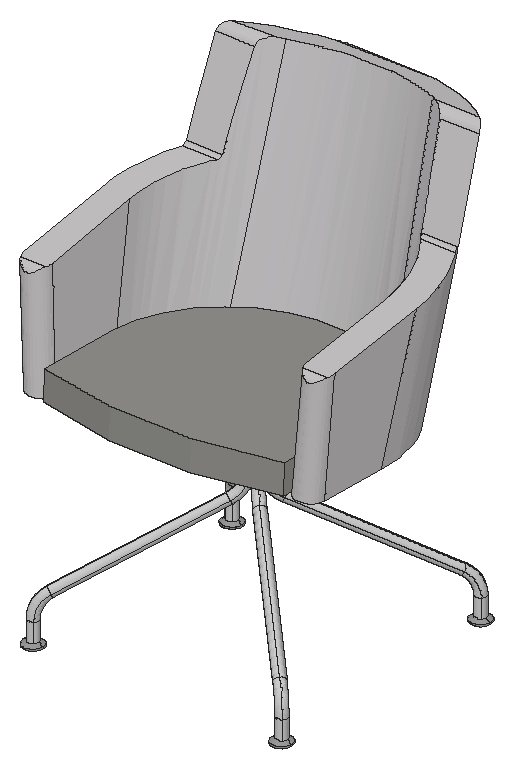
Revit family "FU_Chair_Sandler_Marka_2-2", category Furniture, Revit 2020
Family settings
  OmniClass Number = 23.40.20.00
  OmniClass Title = General Furniture and Specialties
  Work Plane-Based = No
  Always vertical = Yes
  Cut with Voids When Loaded = No
  Shared = No
  Room Calculation Point = No
Parameters (values of type "Marka 2.2")
  Width = 620 mm
  URL = "https://www.sandlerseating.com/product/marka-2-2/"
  Seat [instance] = Fabric - X2 - Number AK020
  Model = "Marka 2.2"
  Manufacturer = "Sandler"
  Height = 850 mm
  Frame = Metal - Chrome - Polished
  Description = "Side chair with upholstered seat and back on steel base. Fixed, non-swivel."
  Depth = 580 mm
  Default Elevation = 0 mm
  Back [instance] = Leather - Gaja - 60005
Reference planes
  plane 1 "Center (Front/Back)": y = 0
  plane 2: z = 0
  plane 3 "Center (Left/Right)": x = 0
  plane 4 "Right": x = -310
  plane 5 "Left": x = 310
  plane 6 "Back": y = 325
  plane 7 "Front": y = -255
  plane 8 "Height": z = 850
  plane 9 "Seat height": z = 460
  plane 10 "FLL H Base TOP": y = -234.565
  plane 11 "FLL V Base TOP": x = 234.498
Forms (mm)
  Sweep 1, solid, material "Metal - Chrome - Polished" <- "Frame"
    path origin (0, 0, 0) x (0.707107, 0.707107, 0) y (0, 0, 1)
      loop
        line (13.258, 381.075) -> (13.258, 273.942)
        arc (13.258, 273.942) -> (20.343, 248.26) -> (39.662, 229.915) r 49.758
        line (39.662, 229.915) -> (305.453, 88.638)
        arc (305.453, 88.638) -> (324.671, 69.838) -> (331.725, 43.895) r 51.237
        line (331.725, 43.895) -> (331.725, 8.113)
    profile "Pro_Circles : 20mm" origin (9.375, 9.375, 327.509) x (0.707107, 0.707107, 0) y (0.707107, -0.707107, 0)
      loop
        arc (-9.967, 0.067) -> (-7.115, -7.02) -> (-0.067, -9.967) r 9.901
        arc (-0.067, -9.967) -> (7.068, -7.068) -> (9.967, 0.067) r 9.901
        arc (9.967, 0.067) -> (7.02, 7.115) -> (-0.067, 9.967) r 9.901
        arc (-0.067, 9.967) -> (-7.067, 7.067) -> (-9.967, 0.067) r 9.9
  Sweep 2, solid, material "Metal - Chrome - Polished" <- "Frame"
    path origin (0, 0, 0) x (-0.707107, -0.707107, 0) y (0, 0, 1)
      loop
        line (13.258, 381.075) -> (13.258, 273.942)
        arc (13.258, 273.942) -> (20.343, 248.26) -> (39.662, 229.915) r 49.758
        line (39.662, 229.915) -> (305.453, 88.638)
        arc (305.453, 88.638) -> (324.671, 69.838) -> (331.725, 43.895) r 51.237
        line (331.725, 43.895) -> (331.725, 8.113)
    profile "Pro_Circles : 20mm" origin (-9.375, -9.375, 327.509) x (-0.707107, -0.707107, 0) y (-0.707107, 0.707107, 0)
      loop
        arc (-9.967, 0.067) -> (-7.115, -7.02) -> (-0.067, -9.967) r 9.901
        arc (-0.067, -9.967) -> (7.068, -7.068) -> (9.967, 0.067) r 9.901
        arc (9.967, 0.067) -> (7.02, 7.115) -> (-0.067, 9.967) r 9.901
        arc (-0.067, 9.967) -> (-7.067, 7.067) -> (-9.967, 0.067) r 9.9
  Sweep 3, solid, material "Metal - Chrome - Polished" <- "Frame"
    path origin (0, 0, 0) x (0.707107, -0.707107, 0) y (0, 0, 1)
      loop
        line (13.258, 381.075) -> (13.258, 273.942)
        arc (13.258, 273.942) -> (20.343, 248.26) -> (39.662, 229.915) r 49.758
        line (39.662, 229.915) -> (305.453, 88.638)
        arc (305.453, 88.638) -> (324.671, 69.838) -> (331.725, 43.895) r 51.237
        line (331.725, 43.895) -> (331.725, 8.113)
    profile "Pro_Circles : 20mm" origin (9.375, -9.375, 327.509) x (0.707107, -0.707107, 0) y (-0.707107, -0.707107, 0)
      loop
        arc (-9.967, 0.067) -> (-7.115, -7.02) -> (-0.067, -9.967) r 9.901
        arc (-0.067, -9.967) -> (7.068, -7.068) -> (9.967, 0.067) r 9.901
        arc (9.967, 0.067) -> (7.02, 7.115) -> (-0.067, 9.967) r 9.901
        arc (-0.067, 9.967) -> (-7.067, 7.067) -> (-9.967, 0.067) r 9.9
  Sweep 4, solid, material "Metal - Chrome - Polished" <- "Frame"
    path origin (0, 0, 0) x (-0.707107, 0.707107, 0) y (0, 0, 1)
      loop
        line (13.258, 381.075) -> (13.258, 273.942)
        arc (13.258, 273.942) -> (20.343, 248.26) -> (39.662, 229.915) r 49.758
        line (39.662, 229.915) -> (305.453, 88.638)
        arc (305.453, 88.638) -> (324.671, 69.838) -> (331.725, 43.895) r 51.237
        line (331.725, 43.895) -> (331.725, 8.113)
    profile "Pro_Circles : 20mm" origin (-9.375, 9.375, 327.509) x (-0.707107, 0.707107, 0) y (0.707107, 0.707107, 0)
      loop
        arc (-9.967, 0.067) -> (-7.115, -7.02) -> (-0.067, -9.967) r 9.901
        arc (-0.067, -9.967) -> (7.068, -7.068) -> (9.967, 0.067) r 9.901
        arc (9.967, 0.067) -> (7.02, 7.115) -> (-0.067, 9.967) r 9.901
        arc (-0.067, 9.967) -> (-7.067, 7.067) -> (-9.967, 0.067) r 9.9
  Extrusion 5, solid, material "Metal - Chrome - Polished" <- "Frame"
    sketch origin (0, 0, 0) x (1, 0, 0) y (0, 1, 0)
      loop
        circle (0, 0) r 25
    from 273.942 to 395.181
  Revolve 6, solid, material "Rubber, Black"
    sketch origin (0, -234.565, 0) x (-1, 0, 0) y (0, 0, 1)
      loop
        line (-234.498, 0) -> (-215.619, 0) -> (-215.619, 2.423) -> (-224.571, 8.113) -> (-234.498, 8.113) -> (-234.498, 0)
      axis (-234.498, 8.113) -> (-234.498, 0)
    angle from 0 to 360
  Revolve 7, solid, material "Rubber, Black"
    sketch origin (0, -234.565, 0) x (1, 0, 0) y (0, 0, 1)
      loop
        line (-234.498, 0) -> (-215.619, 0) -> (-215.619, 2.423) -> (-224.571, 8.113) -> (-234.498, 8.113) -> (-234.498, 0)
      axis (-234.498, 8.113) -> (-234.498, 0)
    angle from 0 to 360
  Revolve 8, solid, material "Rubber, Black"
    sketch origin (0, 234.565, 0) x (1, 0, 0) y (0, 0, 1)
      loop
        line (-234.498, 0) -> (-215.619, 0) -> (-215.619, 2.423) -> (-224.571, 8.113) -> (-234.498, 8.113) -> (-234.498, 0)
      axis (-234.498, 8.113) -> (-234.498, 0)
    angle from 0 to 360
  Revolve 9, solid, material "Rubber, Black"
    sketch origin (0, 234.565, 0) x (-1, 0, 0) y (0, 0, -1)
      loop
        line (-234.498, 0) -> (-234.498, -8.113) -> (-224.571, -8.113) -> (-215.619, -2.423) -> (-215.619, 0) -> (-234.498, 0)
      axis (-234.498, -8.113) -> (-234.498, 0)
    angle from 0 to 360
Dimensions and locks
  equal spacing: plane 4 "Right", plane 3 "Center (Left/Right)", plane 5 "Left"
  "Width": plane 4 "Right" to plane 5 "Left"
  plane 6 "Back" to plane 1 "Center (Front/Back)" to plane 7 "Front" = 325 mm, 255 mm
  "Depth": plane 6 "Back" to plane 7 "Front"
  "Height": plane 8 "Height" to level
  plane 9 "Seat height" to level = 460 mm
  aligned and locked: level to plane 2
Automatic sketch dimensions
  level to Sweep 1 sketch curve = 273.942 mm
  level to Sweep 1 sketch curve = 229.915 mm
  Sweep 1 sketch curve to Sweep 1 sketch curve = 26.404 mm
  Sweep 1 sketch curve to Sweep 1 sketch curve = 49.758 mm
  level to Sweep 1 sketch curve = 43.895 mm
  Sweep 1 sketch curve to Sweep 1 sketch curve = 240.826 mm
  level to Sweep 1 sketch curve = 88.638 mm
  Sweep 1 sketch curve to Sweep 1 sketch curve = 24.965 mm
  level to Sweep 1 sketch curve = 8.113 mm
  Sweep 1 sketch curve to Sweep 1 sketch curve = 107.133 mm
  level to Sweep 2 sketch curve = 273.942 mm
  level to Sweep 2 sketch curve = 229.915 mm
  Sweep 2 sketch curve to Sweep 2 sketch curve = 26.404 mm
  Sweep 2 sketch curve to Sweep 2 sketch curve = 49.758 mm
  level to Sweep 2 sketch curve = 43.895 mm
  Sweep 2 sketch curve to Sweep 2 sketch curve = 240.826 mm
  level to Sweep 2 sketch curve = 88.638 mm
  Sweep 2 sketch curve to Sweep 2 sketch curve = 24.965 mm
  level to Sweep 2 sketch curve = 8.113 mm
  Sweep 2 sketch curve to Sweep 2 sketch curve = 107.133 mm
  level to Sweep 3 sketch curve = 273.942 mm
  level to Sweep 3 sketch curve = 229.915 mm
  Sweep 3 sketch curve to Sweep 3 sketch curve = 26.404 mm
  Sweep 3 sketch curve to Sweep 3 sketch curve = 49.758 mm
  level to Sweep 3 sketch curve = 43.895 mm
  Sweep 3 sketch curve to Sweep 3 sketch curve = 240.826 mm
  level to Sweep 3 sketch curve = 88.638 mm
  Sweep 3 sketch curve to Sweep 3 sketch curve = 24.965 mm
  level to Sweep 3 sketch curve = 8.113 mm
  Sweep 3 sketch curve to Sweep 3 sketch curve = 107.133 mm
  level to Sweep 4 sketch curve = 273.942 mm
  level to Sweep 4 sketch curve = 229.915 mm
  Sweep 4 sketch curve to Sweep 4 sketch curve = 26.404 mm
  Sweep 4 sketch curve to Sweep 4 sketch curve = 49.758 mm
  level to Sweep 4 sketch curve = 43.895 mm
  Sweep 4 sketch curve to Sweep 4 sketch curve = 240.826 mm
  level to Sweep 4 sketch curve = 88.638 mm
  Sweep 4 sketch curve to Sweep 4 sketch curve = 24.965 mm
  level to Sweep 4 sketch curve = 8.113 mm
  Sweep 4 sketch curve to Sweep 4 sketch curve = 107.133 mm
  plane 1 "Center (Front/Back)" to Extrusion 5 sketch curve = 0 mm
  Extrusion 5 sketch curve to plane 3 "Center (Left/Right)" = 0 mm
  Revolve 6 sketch curve to level = 0 mm
  Revolve 6 sketch curve to plane 11 "FLL V Base TOP" = 0 mm  (x2)
  Revolve 6 sketch curve to plane 11 "FLL V Base TOP" = 9.927 mm
  level to Revolve 6 sketch curve = 2.423 mm
  Revolve 6 sketch curve to Revolve 6 sketch curve = 8.951 mm
  level to Revolve 6 sketch curve = 8.113 mm
  Revolve 6 sketch curve to level = 0.502 mm
  Revolve 6 sketch curve to Revolve 6 sketch curve = 0.498 mm
  Revolve 7 sketch curve to level = 0 mm
  plane 4 "Right" to Revolve 7 sketch curve = 75.502 mm
  Revolve 7 sketch curve to level = 8.113 mm
  Revolve 7 sketch curve to Revolve 7 sketch curve = 9.927 mm
  Revolve 7 sketch curve to level = 2.423 mm
  Revolve 7 sketch curve to Revolve 7 sketch curve = 8.951 mm
  Revolve 7 sketch curve to Revolve 7 sketch curve = 0 mm
  level to Revolve 7 sketch curve = 0.502 mm
  Revolve 7 sketch curve to Revolve 7 sketch curve = 0.498 mm
  Revolve 8 sketch curve to level = 0 mm
  Revolve 8 sketch curve to plane 4 "Right" = 75.502 mm
  level to Revolve 8 sketch curve = 8.113 mm
  Revolve 8 sketch curve to Revolve 8 sketch curve = 9.927 mm
  level to Revolve 8 sketch curve = 2.423 mm
  Revolve 8 sketch curve to Revolve 8 sketch curve = 8.951 mm
  Revolve 8 sketch curve to Revolve 8 sketch curve = 0 mm
  Revolve 8 sketch curve to level = 0.502 mm
  Revolve 8 sketch curve to Revolve 8 sketch curve = 0.498 mm
  Revolve 9 sketch curve to level = 0 mm
  Revolve 9 sketch curve to plane 11 "FLL V Base TOP" = 0 mm  (x2)
  Revolve 9 sketch curve to plane 11 "FLL V Base TOP" = 9.927 mm
  level to Revolve 9 sketch curve = 2.423 mm
  Revolve 9 sketch curve to Revolve 9 sketch curve = 8.951 mm
  level to Revolve 9 sketch curve = 8.113 mm
  Revolve 9 sketch curve to Revolve 9 sketch curve = 0.498 mm
  Revolve 9 sketch curve to level = 0.502 mm
  radius of Extrusion 5 sketch curve = 25 mm
Nested families
  nested 1: "Marka_2-2_BaseTop" at (0, 0, 0), Frame <- "Frame", type "Marka_2-2_BaseTop"
    with Frame Metal - Chrome - Polished
  nested 2: "Marka Seat" at (0, 26.25, 0), Back <- "Back", Seat <- "Seat", type "Marka Seat"
    with Seat Fabric - X2 - Number AK020, Back Leather - Gaja - 60005
Definition of nested family "Marka_2-2_BaseTop"
  Parameters
    Width = 620 mm
    Height = 895 mm
    Frame [instance] = none
    Depth = 580 mm
    Default Elevation = 0 mm
  Reference planes
    plane 1 "Center (Front/Back)": y = 0
    plane 2: z = 0
    plane 3 "Center (Left/Right)": x = 0
    plane 4 "Right": x = -310
    plane 5 "Left": x = 310
    plane 6 "Back": y = 325
    plane 7 "Front": y = -255
    plane 8 "Height": z = 895
    plane 9 "Seat height": z = 610
  Forms (mm)
    Extrusion 1, solid, material <- "Frame"
      sketch origin (0, -21.828, 0.604) x (0.707107, 0.705999, -0.039565) y (0, 0.055953, 0.998433)
        loop
          arc (6.15, 382.23) -> (13.412, 387.264) -> (13.935, 396.084) r 10.099
          line (13.935, 396.084) -> (-13.935, 396.084)
          arc (-13.935, 396.084) -> (-13.412, 387.264) -> (-6.15, 382.23) r 10.099
          line (-6.15, 382.23) -> (6.15, 382.23)
      from -82.492 to 79.995
    Revolve 2, solid, material <- "Frame"
      sketch origin (-58.257, 36.34, -2.656) x (0.707107, 0.705999, -0.039565) y (0, 0.055953, 0.998433)
        loop
          line (0, 382.23) -> (0, 396.084) -> (-13.935, 396.084)
          arc (-13.935, 396.084) -> (-13.412, 387.264) -> (-6.15, 382.23) r 10.099
          line (-6.15, 382.23) -> (0, 382.23)
        axis (0, 396.084) -> (0, 382.23)
      angle from 0 to 180
    Revolve 3, solid, material <- "Frame"
      sketch origin (56.566, -78.304, 3.769) x (0.707107, 0.705999, -0.039565) y (0, -0.055953, -0.998433)
        loop
          line (0, -382.23) -> (-6.15, -382.23)
          arc (-6.15, -382.23) -> (-13.412, -387.264) -> (-13.935, -396.084) r 10.099
          line (-13.935, -396.084) -> (0, -396.084) -> (0, -382.23)
        axis (0, -396.084) -> (0, -382.23)
      angle from 0 to 180
    Extrusion 4, solid, material <- "Frame"
      sketch origin (0, -21.828, 0.604) x (-0.707107, 0.705999, -0.039565) y (0, 0.055953, 0.998433)
        loop
          arc (6.15, 382.23) -> (13.412, 387.264) -> (13.935, 396.084) r 10.099
          line (13.935, 396.084) -> (-13.935, 396.084)
          arc (-13.935, 396.084) -> (-13.412, 387.264) -> (-6.15, 382.23) r 10.099
          line (-6.15, 382.23) -> (6.15, 382.23)
      from -82.492 to 79.995
    Revolve 5, solid, material <- "Frame"
      sketch origin (-58.259, -79.994, 3.864) x (-0.707107, 0.705999, -0.039565) y (0, 0.055953, 0.998433)
        loop
          line (0, 382.23) -> (0, 396.084) -> (-13.935, 396.084)
          arc (-13.935, 396.084) -> (-13.412, 387.264) -> (-6.15, 382.23) r 10.099
          line (-6.15, 382.23) -> (0, 382.23)
        axis (0, 396.084) -> (0, 382.23)
      angle from 0 to 180
    Revolve 6, solid, material <- "Frame"
      sketch origin (56.564, 34.649, -2.561) x (-0.707107, 0.705999, -0.039565) y (0, -0.055953, -0.998433)
        loop
          line (0, -382.23) -> (-6.15, -382.23)
          arc (-6.15, -382.23) -> (-13.412, -387.264) -> (-13.935, -396.084) r 10.099
          line (-13.935, -396.084) -> (0, -396.084) -> (0, -382.23)
        axis (0, -396.084) -> (0, -382.23)
      angle from 0 to 180
    Extrusion 7, solid, material <- "Frame"
      sketch origin (0, -21.828, 0.604) x (1, 0, 0) y (0, 0.998433, -0.055953)
        loop
          line (-80.895, 79.874) -> (-80.895, -80.126) -> (79.105, -80.126) -> (79.105, 79.874) -> (-80.895, 79.874)
      from 393 to 398
  Dimensions and locks
    equal spacing: plane 4 "Right", plane 3 "Center (Left/Right)", plane 5 "Left"
    "Width": plane 4 "Right" to plane 5 "Left"
    plane 6 "Back" to plane 1 "Center (Front/Back)" to plane 7 "Front" = 325 mm, 255 mm
    "Depth": plane 6 "Back" to plane 7 "Front"
    "Height": plane 8 "Height" to level
    plane 9 "Seat height" to level = 610 mm
    aligned and locked: level to plane 2
  Automatic sketch dimensions
    Extrusion 1 sketch curve to Extrusion 1 sketch curve = 7.785 mm
    Extrusion 1 sketch curve to Extrusion 1 sketch curve = 1.542 mm  (x2)
    Extrusion 1 sketch curve to Extrusion 1 sketch curve = 9.216 mm
    Extrusion 1 sketch curve to Extrusion 1 sketch curve = 9.327 mm
    Extrusion 1 sketch curve to Extrusion 1 sketch curve = 9.98 mm
    Revolve 2 sketch curve to Revolve 2 sketch curve = 7.785 mm
    Revolve 2 sketch curve to Revolve 2 sketch curve = 1.542 mm
    Revolve 2 sketch curve to Revolve 2 sketch curve = 6.15 mm
    Revolve 2 sketch curve to Revolve 2 sketch curve = 9.98 mm
    Revolve 2 sketch curve to Revolve 2 sketch curve = 0 mm
    Revolve 2 sketch curve to Revolve 2 sketch curve = 3.646 mm
    Revolve 2 sketch curve to Revolve 2 sketch curve = 7.5 mm
    Revolve 3 sketch curve to Revolve 3 sketch curve = 7.785 mm
    Revolve 3 sketch curve to Revolve 3 sketch curve = 1.542 mm
    Revolve 3 sketch curve to Revolve 3 sketch curve = 6.15 mm
    Revolve 3 sketch curve to Revolve 3 sketch curve = 3.873 mm
    Revolve 3 sketch curve to Revolve 3 sketch curve = 0 mm
    Revolve 3 sketch curve to Revolve 3 sketch curve = 7.5 mm
    Revolve 3 sketch curve to Revolve 3 sketch curve = 3.646 mm
    Extrusion 4 sketch curve to Extrusion 4 sketch curve = 7.785 mm
    Extrusion 4 sketch curve to Extrusion 4 sketch curve = 1.542 mm  (x2)
    Extrusion 4 sketch curve to Extrusion 4 sketch curve = 9.216 mm
    Extrusion 4 sketch curve to Extrusion 4 sketch curve = 9.327 mm
    Extrusion 4 sketch curve to Extrusion 4 sketch curve = 9.98 mm
    Revolve 5 sketch curve to Revolve 5 sketch curve = 7.785 mm
    Revolve 5 sketch curve to Revolve 5 sketch curve = 1.542 mm
    Revolve 5 sketch curve to Revolve 5 sketch curve = 6.15 mm
    Revolve 5 sketch curve to Revolve 5 sketch curve = 9.98 mm
    Revolve 5 sketch curve to Revolve 5 sketch curve = 0 mm
    Revolve 5 sketch curve to Revolve 5 sketch curve = 3.646 mm
    Revolve 5 sketch curve to Revolve 5 sketch curve = 7.5 mm
    Revolve 6 sketch curve to Revolve 6 sketch curve = 7.785 mm
    Revolve 6 sketch curve to Revolve 6 sketch curve = 1.542 mm
    Revolve 6 sketch curve to Revolve 6 sketch curve = 6.15 mm
    Revolve 6 sketch curve to Revolve 6 sketch curve = 3.873 mm
    Revolve 6 sketch curve to Revolve 6 sketch curve = 0 mm
    Revolve 6 sketch curve to Revolve 6 sketch curve = 7.5 mm
    Revolve 6 sketch curve to Revolve 6 sketch curve = 3.646 mm
    Extrusion 7 sketch curve to plane 3 "Center (Left/Right)" = 80.895 mm
    plane 3 "Center (Left/Right)" to Extrusion 7 sketch curve = 79.105 mm
    Extrusion 7 sketch curve to Extrusion 7 sketch curve = 160 mm
Definition of nested family "Marka Seat"
  Parameters (values of type "Marka Seat")
    Width = 620 mm
    URL = ""
    Seat [instance] = none
    Model = ""
    Manufacturer = ""
    Height = 850 mm
    Description = ""
    Depth = 580 mm
    Default Elevation = 0 mm
    Back [instance] = none
  Reference planes
    plane 1 "Center (Front/Back)": y = 0
    plane 2: z = 0
    plane 3 "Center (Left/Right)": x = 0
    plane 4 "Right": x = -310
    plane 5 "Left": x = 310
    plane 6 "Back": y = 290
    plane 7 "Front": y = -290
    plane 8 "Height": z = 850
    plane 9 "Seat height": z = 460
    plane 10 "Seat Frame Base RIGHT": through (4267.2, -185.32, 358.111) normal (0, 0.0432, 0.9991)
    plane 11 "Seat base": through (4267.2, -229.459, 405.085) normal (0, 0.0432, 0.9991)
  Forms (mm)
    Extrusion 1, solid, material <- "Seat"
      sketch origin (0, 17.058, 394.424) x (0, -0.999066, 0.043207) y (1, 0, 0)
        loop
          arc (262.802, -226.297) -> (298.069, 0) -> (262.802, 226.297) r 743.674
          line (262.802, 226.297) -> (99.281, 226.297)
          arc (99.281, 226.297) -> (-127.016, 0) -> (99.281, -226.297) r 226.297
          line (99.281, -226.297) -> (262.802, -226.297)
      from 0 to 56
    Blend 2, solid, material <- "Back"
      base sketch origin (0, 17.058, 394.424) x (0, -0.999066, 0.043207) y (1, 0, 0)
        loop
          line (234.278, -226.322) -> (99.278, -226.322)
          arc (99.278, -226.322) -> (8.081, -207.134) -> (-67.65, -152.822) r 226.309
          arc (-67.65, -152.822) -> (-127.031, -0.07) -> (-67.728, 152.712) r 226.309
          arc (-67.728, 152.712) -> (8.029, 207.085) -> (99.278, 226.297) r 226.309
          line (99.278, 226.297) -> (234.278, 226.297)
          arc (234.278, 226.297) -> (261.278, 253.322) -> (234.278, 280.322) r 27
          line (234.278, 280.322) -> (99.278, 280.322)
          arc (99.278, 280.322) -> (-14.988, 255.976) -> (-109.406, 187.166) r 280.322
          arc (-109.406, 187.166) -> (-181.044, 0.059) -> (-109.485, -187.079) r 280.322
          arc (-109.485, -187.079) -> (-15.042, -255.952) -> (99.278, -280.322) r 280.322
          line (99.278, -280.322) -> (234.278, -280.322)
          arc (234.278, -280.322) -> (261.278, -253.322) -> (234.278, -226.322) r 27
      top sketch origin (0, 17.058, 394.424) x (0, -0.999066, 0.043207) y (1, 0, 0)
        loop
          line (235.738, -255.853) -> (13.378, -255.853)
          arc (13.378, -255.853) -> (-100.416, -224.137) -> (-181.401, -138.133) r 220
          arc (-181.401, -138.133) -> (-215.463, 0) -> (-181.401, 138.133) r 297.117
          arc (-181.401, 138.133) -> (-100.416, 224.137) -> (13.378, 255.853) r 220
          line (13.378, 255.853) -> (235.738, 255.853)
          arc (235.738, 255.853) -> (262.738, 282.853) -> (235.738, 309.853) r 27
          line (235.738, 309.853) -> (5.127, 309.853)
          arc (5.127, 309.853) -> (-105.12, 283.646) -> (-191.782, 210.633) r 245
          arc (-191.782, 210.633) -> (-261.267, 0) -> (-191.782, -210.633) r 353.992
          arc (-191.782, -210.633) -> (-105.12, -283.646) -> (5.127, -309.853) r 245
          line (5.127, -309.853) -> (235.738, -309.853)
          arc (235.738, -309.853) -> (262.738, -282.853) -> (235.738, -255.853) r 27
      from 0 to 479.35
    Extrusion 3, void
      sketch origin (0, 0, 0) x (0, 1, 0) y (0, 0, 1)
        loop
          line (207.585, 850.236) -> (280.326, 833.435)
          arc (280.326, 833.435) -> (288.636, 826.479) -> (290, 815.729) r 14.836
          line (290, 815.729) -> (290, 735.729) -> (340, 735.729) -> (340, 895.729) -> (-290, 895.729) -> (-290, 362.638) -> (-249.593, 360.518) -> (-237.146, 597.77)
          arc (-237.146, 597.77) -> (-232.858, 610.802) -> (-220.911, 617.544) r 18.99
          line (-220.911, 617.544) -> (121.363, 667.269)
          arc (121.363, 667.269) -> (125.034, 670.238) -> (127.275, 674.394) r 12
          line (127.275, 674.394) -> (186.633, 835.596)
          arc (186.633, 835.596) -> (194.812, 846.204) -> (207.585, 850.236) r 22.37
      from -320 to 320
  Cuts and joins
    Extrusion 3 cuts Blend 2
  Dimensions and locks
    equal spacing: plane 4 "Right", plane 3 "Center (Left/Right)", plane 5 "Left"
    "Width": plane 4 "Right" to plane 5 "Left"
    equal spacing: plane 6 "Back", plane 1 "Center (Front/Back)", plane 7 "Front"
    "Depth": plane 6 "Back" to plane 7 "Front"
    "Height": plane 8 "Height" to level
    plane 9 "Seat height" to level = 460 mm
    aligned and locked: level to plane 2
  Automatic sketch dimensions
    Extrusion 1 sketch curve to plane 3 "Center (Left/Right)" = 0 mm  (x2)
    Extrusion 1 sketch curve to Extrusion 1 sketch curve = 544.886 mm
    Extrusion 1 sketch curve to plane 4 "Right" = 83.703 mm
    Extrusion 1 sketch curve to Extrusion 1 sketch curve = 163.521 mm
    Blend 2 sketch curve to plane 3 "Center (Left/Right)" = 0 mm  (x3)
    plane 5 "Left" to Blend 2 sketch curve = 29.678 mm
    Blend 2 sketch curve to Blend 2 sketch curve = 0 mm  (x20)
    Blend 2 sketch curve to Blend 2 sketch curve = 135 mm  (x2)
    Blend 2 sketch curve to Blend 2 sketch curve = 27 mm
    Blend 2 sketch curve to plane 3 "Center (Left/Right)" = 0.013 mm
    Blend 2 sketch curve to Blend 2 sketch curve = 0.025 mm
    plane 5 "Left" to Blend 2 sketch curve = 0.147 mm
    Blend 2 sketch curve to plane 4 "Right" = 0.147 mm
    Blend 2 sketch curve to Blend 2 sketch curve = 8.251 mm  (x2)
    Blend 2 sketch curve to Blend 2 sketch curve = 11.071 mm
    Blend 2 sketch curve to Blend 2 sketch curve = 222.36 mm  (x2)
    Blend 2 sketch curve to plane 4 "Right" = 27.147 mm
    Blend 2 sketch curve to Blend 2 sketch curve = 29 mm  (x2)
    plane 3 "Center (Left/Right)" to Blend 2 sketch curve = 35.853 mm
    Blend 2 sketch curve to Blend 2 sketch curve = 10.381 mm
    Blend 2 sketch curve to plane 3 "Center (Left/Right)" = 152.822 mm
    Blend 2 sketch curve to Blend 2 sketch curve = 41.834 mm
    plane 3 "Center (Left/Right)" to Blend 2 sketch curve = 152.712 mm
    Blend 2 sketch curve to Blend 2 sketch curve = 41.678 mm
    Extrusion 3 sketch curve to plane 7 "Front" = 0 mm
    Extrusion 3 sketch curve to plane 6 "Back" = 0 mm
    Extrusion 3 sketch curve to plane 10 "Seat Frame Base RIGHT" = 0 mm
    plane 7 "Front" to Extrusion 3 sketch curve = 52.854 mm
    Extrusion 3 sketch curve to Extrusion 3 sketch curve = 16.235 mm
    Extrusion 3 sketch curve to Extrusion 3 sketch curve = 2.73 mm
    Extrusion 3 sketch curve to plane 1 "Center (Front/Back)" = 115.799 mm
    Extrusion 3 sketch curve to Extrusion 3 sketch curve = 5.563 mm
    Extrusion 3 sketch curve to Extrusion 3 sketch curve = 5.913 mm
    Extrusion 3 sketch curve to plane 8 "Height" = 14.404 mm
    Extrusion 3 sketch curve to plane 6 "Back" = 103.367 mm
    plane 8 "Height" to Extrusion 3 sketch curve = 0.236 mm
    Extrusion 3 sketch curve to Extrusion 3 sketch curve = 20.952 mm
    Extrusion 3 sketch curve to plane 8 "Height" = 22.133 mm
    Extrusion 3 sketch curve to plane 6 "Back" = 14.384 mm
    Extrusion 3 sketch curve to plane 6 "Back" = 9.674 mm
    plane 6 "Back" to Extrusion 3 sketch curve = 50 mm
    Extrusion 3 sketch curve to Extrusion 3 sketch curve = 0.981 mm
    Extrusion 3 sketch curve to Extrusion 3 sketch curve = 168.328 mm
    Extrusion 3 sketch curve to Extrusion 3 sketch curve = 7.125 mm
    Extrusion 3 sketch curve to plane 8 "Height" = 114.271 mm
    Extrusion 3 sketch curve to plane 8 "Height" = 34.271 mm
    Extrusion 3 sketch curve to Extrusion 3 sketch curve = 3.637 mm
    plane 8 "Height" to Extrusion 3 sketch curve = 45.729 mm
    plane 7 "Front" to Extrusion 3 sketch curve = 40.407 mm
    Extrusion 3 sketch curve to Extrusion 3 sketch curve = 2.12 mm
